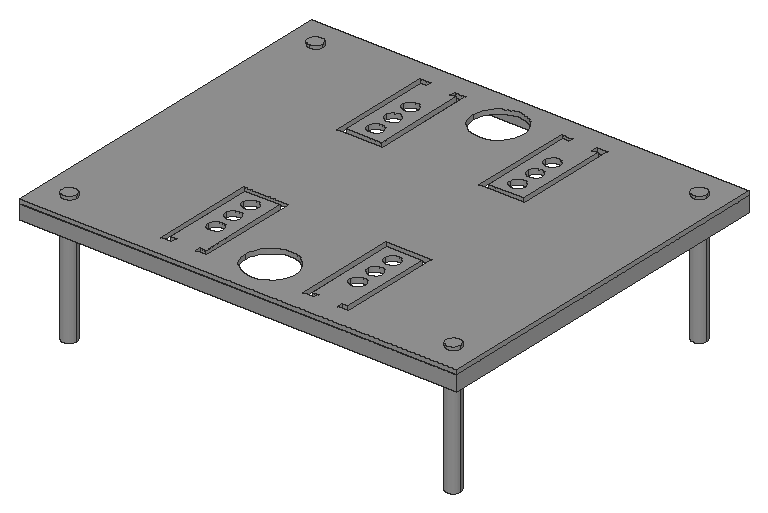
Revit family "Höhenerweiterung für Bodentank UDHOME4", category Generic Models, Revit 2015
Parameters (values of type "HE60 UDHOME4")
  Width = 240 mm
  URL = "http://www.obo-bettermann.com"
  Material = Steel, Galvanized
  Manufacturer Art.No. = "7427440"
  Manufacturer = "OBO Bettermann"
  Length = 200 mm
  HeightCalc = if(Height < 10 mm, 10 mm, (if(Height > 60 mm, 60 mm, Height)))  # 60 mm
  Height 1 = 72 mm
  Height = 60 mm
  GTIN = "4012195919308"
  Article Type = "HE60 UDHOME4"
Reference planes
  plane 1 "Center (Front/Back)": y = 0
  plane 2: z = 0
  plane 3 "Center (Left/Right)": x = 0
  plane 4: z = 72
  plane 5: z = 60
Forms (mm)
  Extrusion 1, solid, material "Steel, Galvanized" <- "Material"
    sketch origin (0, 0, 0) x (1, 0, 0) y (0, 1, 0)
      loop
        circle (-105.5, 84.5) r 4
      loop
        circle (105.5, 84.5) r 4
      loop
        circle (-105.5, -84.5) r 4
      loop
        circle (105.5, -84.5) r 4
    from 0 to 72
  Extrusion 2, solid, material "Steel, Galvanized" <- "Material"
    sketch origin (0, 0, 0) x (1, 0, 0) y (0, 1, 0)
      loop
        line (-120, 100) -> (-120, -100) -> (120, -100) -> (120, 100) -> (-120, 100)
    from 68.256 to 70.688
  Extrusion 3, solid, material "Steel, Galvanized" <- "Material"
    sketch origin (0, 0, 0) x (1, 0, 0) y (0, 1, 0)
      loop
        line (120, 100) -> (-120, 100) -> (-120, -100) -> (120, -100) -> (120, 100)
      loop
        line (-118, 98) -> (-118, -98) -> (118, -98) -> (118, 98) -> (-118, 98)
    from 60 to 68.256
  Extrusion 4, void
    sketch origin (0, 0, 0) x (1, 0, 0) y (0, 1, 0)
      loop
        line (-45.5, 88.9) -> (-51.5, 88.9) -> (-51.5, 31.9) -> (-26.5, 31.9) -> (-26.5, 88.9) -> (-32.5, 88.9) -> (-32.5, 85.9) -> (-29.5, 85.9) -> (-29.5, 34.9) -> (-48.5, 34.9) -> (-48.5, 85.9) -> (-45.5, 85.9) -> (-45.5, 88.9)
      loop
        line (-45.5, -88.9) -> (-45.5, -85.9) -> (-48.5, -85.9) -> (-48.5, -34.9) -> (-29.5, -34.9) -> (-29.5, -85.9) -> (-32.5, -85.9) -> (-32.5, -88.9) -> (-26.5, -88.9) -> (-26.5, -31.9) -> (-51.5, -31.9) -> (-51.5, -88.9) -> (-45.5, -88.9)
      loop
        line (45.5, 88.9) -> (45.5, 85.9) -> (48.5, 85.9) -> (48.5, 34.9) -> (29.5, 34.9) -> (29.5, 85.9) -> (32.5, 85.9) -> (32.5, 88.9) -> (26.5, 88.9) -> (26.5, 31.9) -> (51.5, 31.9) -> (51.5, 88.9) -> (45.5, 88.9)
      loop
        line (45.5, -88.9) -> (51.5, -88.9) -> (51.5, -31.9) -> (26.5, -31.9) -> (26.5, -88.9) -> (32.5, -88.9) -> (32.5, -85.9) -> (29.5, -85.9) -> (29.5, -34.9) -> (48.5, -34.9) -> (48.5, -85.9) -> (45.5, -85.9) -> (45.5, -88.9)
    from 68.256 to 70.688
  Extrusion 5, void
    sketch origin (0, 0, 0) x (1, 0, 0) y (0, 1, 0)
      loop
        circle (-39, 66.9) r 4.25
      loop
        circle (-39, 54.901) r 4.25
      loop
        circle (-39, 42.901) r 4.25
      loop
        circle (-39, -66.9) r 4.25
      loop
        circle (-39, -54.901) r 4.25
      loop
        circle (-39, -42.901) r 4.25
      loop
        circle (39, 66.9) r 4.25
      loop
        circle (39, 54.901) r 4.25
      loop
        circle (39, 42.901) r 4.25
      loop
        circle (39, -66.9) r 4.25
      loop
        circle (39, -54.901) r 4.25
      loop
        circle (39, -42.901) r 4.25
    from 68.256 to 70.688
  Extrusion 6, void
    sketch origin (0, 0, 0) x (1, 0, 0) y (0, 1, 0)
      loop
        circle (0, 78.5) r 14
      loop
        circle (0, -78) r 14
    from 68.256 to 70.688
Cuts and joins
  Extrusion 4, Extrusion 5, Extrusion 6 cuts Extrusion 2
Dimensions and locks
  locked: Extrusion 1 sketch curve to plane 3 "Center (Left/Right)" at 105.5  (x2)
  locked: plane 1 "Center (Front/Back)" to Extrusion 1 sketch curve at 84.5  (x2)
  locked: plane 3 "Center (Left/Right)" to Extrusion 1 sketch curve at 105.5  (x2)
  locked: Extrusion 1 sketch curve to plane 1 "Center (Front/Back)" at 84.5  (x2)
  "Height 1": plane 4 to level
  "Width": Extrusion 2 sketch curve to Extrusion 2 sketch curve
  equal spacing: Extrusion 2 sketch curve, plane 3 "Center (Left/Right)", Extrusion 2 sketch curve
  "Length": Extrusion 2 sketch curve to Extrusion 2 sketch curve
  equal spacing: Extrusion 2 sketch curve, plane 1 "Center (Front/Back)", Extrusion 2 sketch curve
  locked: Extrusion 2 to Extrusion 3 sketch curve at 2  (x3)
  locked: Extrusion 3 sketch curve to Extrusion 2 at 2
  locked: Extrusion 2 to Extrusion 2 at 2.433
  locked: Extrusion 3 to Extrusion 3 at 8.256
  "HeightCalc": plane 5 to level
  locked: Extrusion 4 sketch curve to Extrusion 4 sketch curve at 25  (x4)
  locked: Extrusion 4 sketch curve to Extrusion 4 sketch curve at 57  (x4)
  locked: cut or joined group of Extrusion 2, Extrusion 4, Extrusion 5, Extrusion 6 to Extrusion 4 sketch curve at 68.5
  locked: Extrusion 4 sketch curve to Extrusion 4 sketch curve at 6  (x8)
  locked: Extrusion 4 sketch curve to Extrusion 4 sketch curve at 3  (x16)
  locked: cut or joined group of Extrusion 2, Extrusion 4, Extrusion 5, Extrusion 6 to Extrusion 4 sketch curve at 11.1
  cut or joined group of Extrusion 2, Extrusion 4, Extrusion 5, Extrusion 6 to Extrusion 5 sketch curve = 81 mm
  locked: cut or joined group of Extrusion 2, Extrusion 4, Extrusion 5, Extrusion 6 to Extrusion 5 sketch curve at 33.1
  Extrusion 5 sketch curve to Extrusion 5 sketch curve = 11.999 mm
  locked: cut or joined group of Extrusion 2, Extrusion 4, Extrusion 5, Extrusion 6 to Extrusion 5 sketch curve at 81  (x2)
  Extrusion 5 sketch curve to Extrusion 5 sketch curve = 12 mm  (x2)
  locked: cut or joined group of Extrusion 2, Extrusion 4, Extrusion 5, Extrusion 6 to Extrusion 6 sketch curve at 21.5
  locked: cut or joined group of Extrusion 2, Extrusion 4, Extrusion 5, Extrusion 6 to Extrusion 6 sketch curve at 22
  diameter of Extrusion 1 sketch curve = 8 mm  (x4)
  diameter of Extrusion 5 sketch curve = 8.5 mm  (x12)
  diameter of Extrusion 6 sketch curve = 28 mm  (x2)
  aligned and locked: level to plane 2
  aligned and locked: plane 4 to Extrusion 1
  aligned and locked: Extrusion 3 to plane 5
  aligned and locked: Extrusion 2 to Extrusion 3
  aligned and locked: Extrusion 3 sketch curve to cut or joined group of Extrusion 2, Extrusion 4, Extrusion 5, Extrusion 6  (x4)
  aligned and locked: Extrusion 2 to Extrusion 4  (x2)
  aligned and locked: Extrusion 4 sketch curve to Extrusion 4 sketch curve  (x8)
  aligned and locked: Extrusion 2 to Extrusion 5  (x2)
  aligned and locked: Extrusion 2 to Extrusion 6  (x2)
Automatic sketch dimensions
  Extrusion 4 sketch curve to plane 3 "Center (Left/Right)" = 51.5 mm
  plane 3 "Center (Left/Right)" to Extrusion 4 sketch curve = 26.5 mm  (x2)
  Extrusion 4 sketch curve to plane 1 "Center (Front/Back)" = 31.9 mm
  plane 1 "Center (Front/Back)" to Extrusion 4 sketch curve = 31.9 mm  (x2)
  Extrusion 5 sketch curve to plane 3 "Center (Left/Right)" = 39 mm
  Extrusion 5 sketch curve to Extrusion 5 sketch curve = 0 mm  (x6)
  plane 3 "Center (Left/Right)" to Extrusion 5 sketch curve = 39 mm  (x2)
  Extrusion 5 sketch curve to plane 1 "Center (Front/Back)" = 42.901 mm
  plane 1 "Center (Front/Back)" to Extrusion 5 sketch curve = 42.901 mm  (x2)
  Extrusion 5 sketch curve to Extrusion 5 sketch curve = 12 mm  (x2)
  Extrusion 5 sketch curve to Extrusion 5 sketch curve = 11.999 mm  (x3)
  Extrusion 6 sketch curve to plane 3 "Center (Left/Right)" = 0 mm  (x2)
